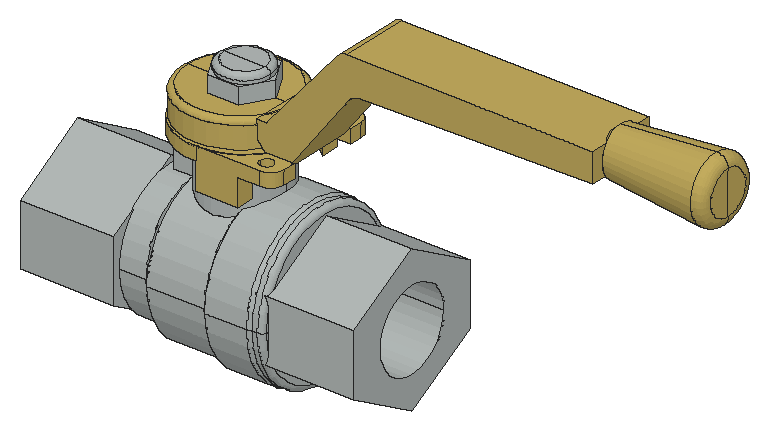
Revit family "QP00800000", category Apparecchi idraulici, Revit 2020
Family settings
  Quota connettore circolare = Usa diametro
  Tipo di parte = Normale
  Numero OmniClass = 23.45.00.00
  Titolo OmniClass = Sanitary, Laundry, and Cleaning Equipment
  Basato su piano di lavoro = No
  Sempre verticale = Sì
  Taglio con vuoti quando caricato = No
  Condiviso = No
  Punto di calcolo locali = No
Parameters
  URL = "https://web.cimberio.com/index.php/figura/130?subcategoria_id=95351"
  Temperatura di esercizio = "-20 ÷ 60°C"
  Prospetto di default = 0 mm
  Produttore = "CIMBERIO SPA"
  Pressione nominale = "MOP 5"
  Modello = "Cim 16G"
  Materiale = "Prodotto in lega di ottone conforme alla norma EN 12165-CW617N-DW"
  Descrizione = "Utilizzato nell’impiantistica distributiva di gas a bassa pressione per le categorie:\r\nGas naturali: gas derivati dal petrolio (Metano) e gas di ricambio.\r\nGas di città: prodotti secondo i diversi procedimenti (Cracking - Cokerie - ecc.).\r\nGas liquidi: propano e miscele di gas propano/butano."
  DN Model [instance] = QP00801015 : QP00801015
  DN [instance] = 15 mm
  Commenti sul tipo = "Realizzato in ottemperanza ai requisiti gestionali della norma EN ISO 9001.\r\nCollaudato al 100% secondo la normativa EN 12266-1"
Reference planes
  plane 1 "Centro (Fronte/Retro)": y = 0
  plane 2: z = 0
  plane 3 "Centro (Sinistra/Destra)": x = 0
Dimensions and locks
  aligned and locked: level to plane 2
Nested families
  nested 1: "QP00801015" at (0, 0, 0), type <- "DN Model", type "QP00801015"
  nested 2: "QP00801015" at (0, 0, 0), type <- "DN Model", type "QP00801015"
  nested 3: "QP00801015" at (0, 0, 0), type <- "DN Model", type "QP00801015"
  nested 4: "QP00801015" at (0, 0, 0), type <- "DN Model", type "QP00801015"
  nested 5: "QP00801015" at (0, 0, 0), type <- "DN Model", type "QP00801015"
  nested 6: "QP00801015" at (0, 0, 0), type <- "DN Model", type "QP00801015"
Connectors
  piping at (31.1, 0.002, 0), diameter 15, driven by "DN"
    settings: on nested 1, index 1, connector inside diameter 609.6 mm, connector length 0 mm, flow factor 0, pipe flow 0.0 L/s, pressure drop 0.0 Pa, fitting loss kfactor 0, connector angle 0.00°, fixture units 0, engagement length 0 mm, angle of deflection 0.00°, flow configuration 0, flow direction 0, fitting loss method 0, system type 7, joint type 0, gender type 0, connector reference index -1, connector utility 0, adjustable connector no, is connector primary yes, connector description ""
  piping at (-31, 0, 0), diameter 15, driven by "DN"
    settings: on nested 1, index 2, connector inside diameter 609.6 mm, connector length 0 mm, flow factor 0, pipe flow 0.0 L/s, pressure drop 0.0 Pa, fitting loss kfactor 0, connector angle 0.00°, fixture units 0, engagement length 0 mm, angle of deflection 0.00°, flow configuration 0, flow direction 0, fitting loss method 0, system type 7, joint type 0, gender type 0, connector reference index -1, connector utility 0, adjustable connector no, is connector primary no, connector description ""
Definition of nested family "QP00801015"
  Parameters (values of type "QP00801015")
    Default Elevation = 0 mm
  Reference planes
    plane 1 "Centro (Fronte/Retro)": y = 0
    plane 2: z = 0
    plane 3 "Centro (Sinistra/Destra)": x = 0
  Forms (mm)
    Revolve 1, solid
      sketch origin (0, 0, 0) x (1, 0, 0) y (0, 1, 0)
        loop
          line (-13.5, 7.5) -> (15.1, 7.5) -> (15.1, 13.75)
          arc (15.1, 13.75) -> (14.807, 14.457) -> (14.1, 14.75) r 1
          line (14.1, 14.75) -> (13.04, 14.75) -> (12.286, 15) -> (4.6, 15) -> (3.7, 14.1) -> (-6.9, 14.1) -> (-8.5, 12.5) -> (-13.5, 12.5) -> (-13.5, 7.5)
        axis (-13.5, 0) -> (15.1, 0)
      angle from 0 to 360
    Extrusion 2, solid
      sketch origin (0, 0, 0) x (0, 1, 0) y (0, 0, 1)
        loop
          circle (0, 0) r 7.5
        loop
          line (0, 13.5) -> (-13.5, 5.706) -> (-13.5, -5.706) -> (0, -13.5) -> (13.5, -5.706) -> (13.5, 5.706) -> (0, 13.5)
      from -31 to -13.5
    Extrusion 3, solid
      sketch origin (0, 0, 0) x (0, 1, 0) y (0, 0, -1)
        loop
          circle (0, 0) r 7.5
        loop
          line (0, -13.5) -> (13.489, -5.712) -> (13.489, 5.712) -> (0, 13.5) -> (-13.484, 5.715) -> (-13.484, -5.715) -> (0, -13.5)
      from -31.1 to -13.5
    Revolve 4, solid
      sketch origin (0, 0, 0) x (1, 0, 0) y (0, 0, 1)
        loop
          line (0.099, 21) -> (-7.603, 21) -> (-7.603, 9.88) -> (0.099, 9.88) -> (0.099, 21)
        axis (0.099, 21) -> (0.099, 9.88)
      angle from 0 to 360
    Extrusion 5, solid
      sketch origin (0, 0, 0) x (1, 0, 0) y (0, 0, 1)
        loop
          line (-7, 21) -> (-12, 21) -> (-12, 11.794) -> (-7, 11.794) -> (-7, 21)
      from -1.5 to 1.5
    Revolve 6, solid
      sketch origin (0, 0, 0) x (1, 0, 0) y (0, 0, 1)
        loop
          line (-7, 21) -> (0, 21) -> (0, 26.646) -> (-7, 26.646) -> (-7, 21)
        axis (0, 26.646) -> (0, 21)
      angle from 0 to 360
    Revolve 7, solid
      sketch origin (0, 0, 0) x (1, 0, 0) y (0, 0, 1)
        loop
          line (-0.901, 29.8) -> (-10.5, 29.8)
          arc (-10.5, 29.8) -> (-11.207, 29.507) -> (-11.5, 28.8) r 1
          line (-11.5, 28.8) -> (-11.5, 24.8) -> (-0.901, 24.8) -> (-0.901, 29.8)
        axis (-0.901, 29.8) -> (-0.901, 24.8)
      angle from 0 to 360
    Extrusion 8, solid
      sketch origin (0, 0, 0) x (1, 0, 0) y (0, 1, 0)
        loop
          circle (0, 0) r 11.5
      from 22.3 to 24.8
    Extrusion 9, solid
      sketch origin (0, 0, 0) x (1, 0, 0) y (0, 1, 0)
        loop
          arc (0, 11.5) -> (5.362, 10.173) -> (9.487, 6.5) r 11.5
          line (9.487, 6.5) -> (14.5, 6.5) -> (14.5, 8.999)
          arc (14.5, 8.999) -> (13.768, 10.767) -> (12, 11.5) r 2.5
          line (12, 11.5) -> (0, 11.5)
        loop
          line (0, -11.5) -> (12, -11.5)
          arc (12, -11.5) -> (13.768, -10.767) -> (14.5, -8.999) r 2.5
          line (14.5, -8.999) -> (14.5, -6.5) -> (9.487, -6.5)
          arc (9.487, -6.5) -> (5.362, -10.173) -> (0, -11.5) r 11.5
        loop
          circle (11.3, 9) r 1.25
        loop
          circle (11.3, -9) r 1.25
      from 17.3 to 24.8
    Extrusion 10, solid
      sketch origin (0, 0, 0) x (1, 0, 0) y (0, 1, 0)
        loop
          line (-5.77, 0) -> (-2.885, -4.997) -> (2.885, -4.997) -> (5.77, 0) -> (2.885, 4.997) -> (-2.885, 4.997) -> (-5.77, 0)
      from 29.8 to 32.8
    Revolve 11, solid
      sketch origin (0, 0, 0) x (1, 0, 0) y (0, 0, 1)
        loop
          arc (-3.749, 34.3) -> (-4.457, 34.007) -> (-4.75, 33.3) r 1
          line (-4.75, 33.3) -> (-4.75, 32.466) -> (0, 32.466) -> (0, 34.3) -> (-3.749, 34.3)
        axis (0, 34.3) -> (0, 32.466)
      angle from 0 to 360
    Extrusion 12, solid
      sketch origin (0, 0, 0) x (1, 0, 0) y (0, 0, 1)
        loop
          line (7.519, 29.8) -> (7.519, 26.64) -> (10.054, 23.504) -> (13.195, 23.504) -> (24.699, 39.013)
          arc (24.699, 39.013) -> (25.386, 39.598) -> (26.261, 39.822) r 2.002
          line (26.261, 39.822) -> (70, 40.824) -> (70, 46.3) -> (24.117, 46.3)
          arc (24.117, 46.3) -> (23.271, 46.113) -> (22.585, 45.586) r 1.997
          line (22.585, 45.586) -> (9.361, 29.8) -> (7.519, 29.8)
      from -6.5 to 6.5
    Revolve 13, solid
      sketch origin (0, 0, 0) x (1, 0, 0) y (0, 0, 1)
        loop
          line (70, 48.05) -> (68.25, 46.3) -> (68.25, 43.562) -> (90, 43.562) -> (90, 47.605)
          arc (90, 47.605) -> (89.352, 49.079) -> (87.827, 49.597) r 2
          line (87.827, 49.597) -> (70, 48.05)
        axis (68.25, 43.562) -> (90, 43.562)
      angle from 0 to 360
    Extrusion 14, void
      sketch origin (0, -11.5, 0) x (-1, 0, 0) y (0, 0, 1)
        loop
          line (-7.989, 22.3) -> (-15.754, 22.3) -> (-15.754, 16.305) -> (-7.989, 16.305) -> (-7.989, 22.3)
      from 0 to 27.453
  Cuts and joins
    joined: Revolve 1, Revolve 4, Extrusion 5
    Extrusion 14 cuts Extrusion 9
  Dimensions and locks
    aligned and locked: level to plane 2
